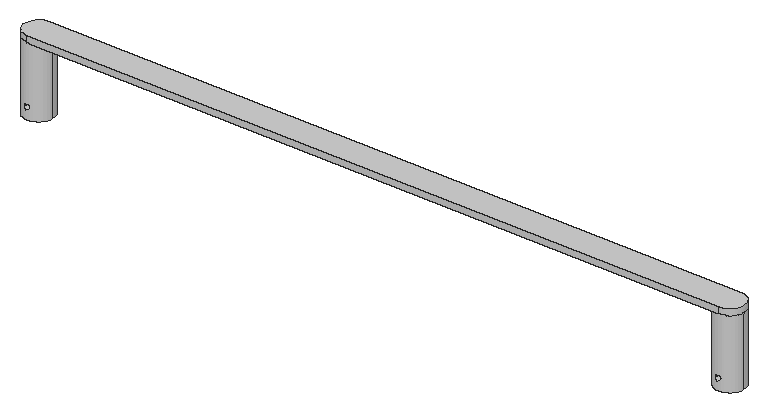
Revit family "URBANE II 625MM SINGLE TOWEL RAIL", category Specialty Equipment, host Face, Revit 2019
Family settings
  Host = Face
  Round Connector Dimension = Use Radius
  Part Type = Normal
  OmniClass Number = 23.40.20.21.27
  OmniClass Title = Towel Bars
  Cut with Voids When Loaded = No
  Shared = No
  Room Calculation Point = No
Parameters (values of type "URBANE II 625MM SINGLE TOWEL RAIL - Chrome")
  URL = "https://www.caroma.com.au/"
  RailWidth = 600 mm
  Model = "99625C"
  Material_Base = GWA_Metal-Chrome
  Manufacturer = "GWA Bathrooms & Kitchens"  # constant formula
  Description = "URBANE II 625MM SINGLE TOWEL RAIL - Chrome"
  Default Elevation = 1000 mm
  CreatedBy_ANZRS = "GWA Bathrooms & Kitchens"  # constant formula
  Assembly Code = "C1030220"
Types (6, lengths in mm): name | Model | Material_Base | Description
  (no name) | "99625C" | GWA_Metal-Chrome | "URBANE II 625MM SINGLE TOWEL RAIL - Chrome"
  URBANE II 625MM SINGLE TOWEL RAIL - Chrome | "99625C" | GWA_Metal-Chrome | "URBANE II 625MM SINGLE TOWEL RAIL - Chrome"
  URBANE II 625MM SINGLE TOWEL RAIL - Matte Black | "99625B" | GWA-Metal-Black | "URBANE II 625MM SINGLE TOWEL RAIL - Matte Black"
  URBANE II 625MM SINGLE TOWEL RAIL  - Brushed Brass | "99625BB" | GWA_Metal-Brushed-Brass | "URBANE II 625MM SINGLE TOWEL RAIL - Brushed Brass"
  URBANE II 625MM SINGLE TOWEL RAIL - Gunmetal | "99625GM" | GWA-Metal-Gunmetal Grey | "URBANE II 625MM SINGLE TOWEL RAIL - Gunmetal"
  URBANE II 625MM SINGLE TOWEL RAIL - Brushed Nickel | "99625BN" | GWA_Metal-Brushed-Nickel | "URBANE II 625MM SINGLE TOWEL RAIL - Brushed Nickel"
Reference planes
  plane 1 "Center (Front/Back)": y = 0
  plane 2: z = 0
  plane 3 "Center (Left/Right)": x = 0
  plane 4 "LeftSupport": x = -300
  plane 5 "RightSupport": x = 300
  plane 6 "Rail": z = 60
Forms (mm)
  Extrusion 1, solid, material "GWA_Metal-Chrome" <- "Material_Base"
    sketch origin (0, 0, 0) x (1, 0, 0) y (0, 1, 0)
      loop
        circle (-300, 0) r 12.5
    from 0 to 60
  Extrusion 2, solid, material "GWA_Metal-Chrome" <- "Material_Base"
    sketch origin (0, 0, 0) x (1, 0, 0) y (0, 1, 0)
      loop
        circle (300, 0) r 12.5
    from 0 to 60
  Extrusion 3, solid, material "GWA_Metal-Chrome" <- "Material_Base"
    sketch origin (0, 0, 60) x (-1, 0, 0) y (0, -1, 0)
      loop
        arc (300, -12.5) -> (312.5, 0) -> (300, 12.5) r 12.5
        line (300, 12.5) -> (-300, 12.5)
        arc (-300, 12.5) -> (-312.5, 0) -> (-300, -12.5) r 12.5
        line (-300, -12.5) -> (300, -12.5)
    from 0 to 5
  Extrusion 4, void
    sketch origin (0, 0, 0) x (1, 0, 0) y (0, 0, 1)
      loop
        circle (-300, 10) r 2.5
    from 0 to 30
  Extrusion 5, void
    sketch origin (0, 0, 0) x (-1, 0, 0) y (0, 0, -1)
      loop
        circle (-300, -10) r 2.5
    from 0 to 30
Cuts and joins
  Extrusion 4, Extrusion 5 cuts Extrusion 1
  Extrusion 5 cuts Extrusion 2
  joined: Extrusion 1, Extrusion 2
  Extrusion 5 cuts Extrusion 3
Lines and regions (mm)
  Masking region 1
    outline origin (0, 0, 60) x (-1, 0, 0) y (0, -1, 0)
      loop
        line (-300, -12.5) -> (300, -12.5)
        arc (300, -12.5) -> (312.5, 0) -> (300, 12.5) r 12.5
        line (300, 12.5) -> (-300, 12.5)
        arc (-300, 12.5) -> (-312.5, 0) -> (-300, -12.5) r 12.5
  Masking region 2
    outline origin (300, 0, 0) x (0, 1, 0) y (0, 0, 1)
      loop
        line (-12.5, 65) -> (-12.5, 0) -> (12.5, 0) -> (12.5, 65) -> (-12.5, 65)
  Masking region 3
    outline origin (0, 0, 0) x (1, 0, 0) y (0, 0, 1)
      loop
        line (-312.5, 65) -> (-312.5, 0) -> (-287.5, 0) -> (-287.5, 60) -> (287.5, 60) -> (287.5, 0) -> (312.5, 0) -> (312.5, 65) -> (-312.5, 65)
  symbolic lines
    curve 1: arc (-300, 12.5, 60) -> (-312.5, 0, 60) -> (-300, -12.5, 60) r 12.5
    curve 2: line (300, 12.5, 60) -> (-300, 12.5, 60)
    curve 3: line (300, -12.5, 60) -> (-300, -12.5, 60)
    curve 4: arc (300, -12.5, 60) -> (312.5, 0, 60) -> (300, 12.5, 60) r 12.5
    curve 5: line (312.5, 0, 60) -> (312.5, 0, 0)
    curve 6: line (312.5, 0, 0) -> (287.5, 0, 0)
    curve 7: line (287.5, 0, 0) -> (287.5, 0, 60)
    curve 8: line (312.5, 0, 65) -> (-312.5, 0, 65)
    curve 9: line (312.5, 0, 60) -> (312.5, 0, 65)
    curve 10: line (-312.5, 0, 60) -> (312.5, 0, 60)
    curve 11: line (-312.5, 0, 65) -> (-312.5, 0, 60)
    curve 12: line (-312.5, 0, 60) -> (-312.5, 0, 0)
    curve 13: line (-287.5, 0, 0) -> (-287.5, 0, 60)
    curve 14: line (-312.5, 0, 0) -> (-287.5, 0, 0)
    curve 15: line (300, -12.5, 65) -> (300, 12.5, 65)
    curve 16: line (300, -12.5, 60) -> (300, -12.5, 65)
    curve 17: line (300, 12.5, 60) -> (300, -12.5, 60)
    curve 18: line (300, 12.5, 65) -> (300, 12.5, 60)
    curve 19: line (300, -12.5, 0) -> (300, -12.5, 60)
    curve 20: line (300, 12.5, 0) -> (300, -12.5, 0)
    curve 21: line (300, 12.5, 60) -> (300, 12.5, 0)
Dimensions and locks
  "RailWidth": plane 4 "LeftSupport" to plane 5 "RightSupport"
  equal spacing: plane 4 "LeftSupport", plane 3 "Center (Left/Right)", plane 5 "RightSupport"
  aligned and locked: plane 2 to host face
  aligned and locked: level to host face
Automatic sketch dimensions
  host sketch curve to host sketch curve = 2438.4 mm  (x2)
  plane 1 "Center (Front/Back)" to Extrusion 1 sketch curve = 0 mm
  Extrusion 1 sketch curve to plane 4 "LeftSupport" = 0 mm
  plane 1 "Center (Front/Back)" to Extrusion 2 sketch curve = 0 mm
  Extrusion 2 sketch curve to plane 5 "RightSupport" = 0 mm
  Extrusion 3 sketch curve to plane 5 "RightSupport" = 0 mm
  Extrusion 3 sketch curve to plane 4 "LeftSupport" = 0 mm
  plane 1 "Center (Front/Back)" to Extrusion 3 sketch curve = 0 mm
  Extrusion 3 sketch curve to plane 1 "Center (Front/Back)" = 12.5 mm
  Extrusion 4 sketch curve to plane 4 "LeftSupport" = 0 mm
  level to Extrusion 4 sketch curve = 10 mm
  Extrusion 5 sketch curve to plane 5 "RightSupport" = 0 mm
  Extrusion 5 sketch curve to level = 10 mm
  curve 1 to plane 4 "LeftSupport" = 0 mm
  plane 1 "Center (Front/Back)" to curve 4 = 12.5 mm
  curve 3 to plane 5 "RightSupport" = 0 mm
  plane 1 "Center (Front/Back)" to curve 4 = 0 mm
  Masking region 1 sketch curve to plane 5 "RightSupport" = 0 mm
  Masking region 1 sketch curve to plane 4 "LeftSupport" = 0 mm
  plane 1 "Center (Front/Back)" to Masking region 1 sketch curve = 0 mm
  Masking region 1 sketch curve to Masking region 1 sketch curve = 12.5 mm
  curve 11 to plane 6 "Rail" = 0 mm
  curve 14 to level = 0 mm
  curve 7 to level = 0 mm
  plane 6 "Rail" to curve 11 = 5 mm
  curve 11 to plane 4 "LeftSupport" = 12.5 mm
  plane 4 "LeftSupport" to curve 13 = 12.5 mm
  curve 7 to plane 5 "RightSupport" = 12.5 mm
  plane 5 "RightSupport" to curve 9 = 12.5 mm
  curve 13 to curve 13 = 60 mm
  curve 20 to level = 0 mm
  curve 19 to plane 6 "Rail" = 0 mm
  plane 6 "Rail" to curve 15 = 5 mm
  plane 1 "Center (Front/Back)" to curve 15 = 12.5 mm
  curve 17 to plane 1 "Center (Front/Back)" = 12.5 mm
  Masking region 2 sketch curve to level = 0 mm
  plane 1 "Center (Front/Back)" to Masking region 2 sketch curve = 12.5 mm
  Masking region 2 sketch curve to plane 1 "Center (Front/Back)" = 12.5 mm
  plane 6 "Rail" to Masking region 2 sketch curve = 5 mm
  curve 7 to plane 6 "Rail" = 0 mm
  Masking region 3 sketch curve to level = 0 mm  (x2)
  Masking region 3 sketch curve to plane 6 "Rail" = 0 mm
  plane 6 "Rail" to Masking region 3 sketch curve = 5 mm
  Masking region 3 sketch curve to plane 4 "LeftSupport" = 12.5 mm
  plane 4 "LeftSupport" to Masking region 3 sketch curve = 12.5 mm
  Masking region 3 sketch curve to plane 5 "RightSupport" = 12.5 mm
  plane 5 "RightSupport" to Masking region 3 sketch curve = 12.5 mm
  radius of Extrusion 1 sketch curve = 12.5 mm
  radius of Extrusion 2 sketch curve = 12.5 mm
  radius of Extrusion 4 sketch curve = 2.5 mm
  radius of Extrusion 5 sketch curve = 2.5 mm
